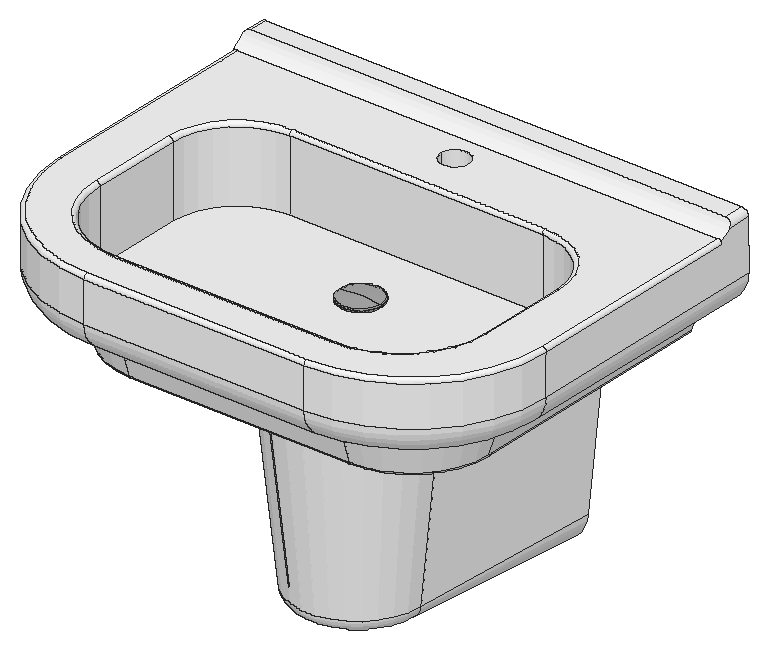
Revit family "NLRS_74_PF_UN_wastafel_S8300300000_SPHINX_BCB", category Plumbing Fixtures, Revit 2016
Family settings
  Part Type = Normal
  Round Connector Dimension = Use Radius
  OmniClass Number = 23.45.00.00
  OmniClass Title = Sanitary, Laundry, and Cleaning Equipment
  Work Plane-Based = No
  Always vertical = Yes
  Cut with Voids When Loaded = No
  Shared = No
  Room Calculation Point = No
Parameters (values of type "wastafel 55 cm")
  NLRS_C_type = "Wastafel met kraangat en overloop"
  NLRS_C_serie = "300 Basic"
  NLRS_C_revit_versie = "2016"
  NLRS_C_content_versie = "2.0"
  NLRS_C_content_provider = "BouwConnect"
  NLRS_C_content_datum_uitgifte = "APR-2018"
  NLRS_C_content_datum_gewijzigd = "APR-2018"
  NLRS_C_content_creator = "BouwConnect"
  NLRS_C_URL_product_data = "http://www.sphinx.nl/producten/wastafels-%7C-fonteinen/wastafels/sphinx-300-basic-%7C-wastafel-60-cm/27160/"
  Waste Connection = yes
  WFU = 0
  URL = "http://www.sphinx.nl/"
  Type Comments = ""
  NLRS_S_gewicht = 17.00 kg
  NLRS_C_materiaal = none
  NLRS_C_lengte = 475 mm
  NLRS_C_hoogte = 207 mm
  NLRS_C_diameter_uit = 45 mm
  NLRS_C_diameter_in = 35 mm
  NLRS_C_breedte = 600 mm
  Model = "300 wastafel 55 cm"  # constant formula
  Manufacturer = "Sphinx"  # constant formula
  Keynote = ""
  IfcTypeProduct = "IfcSanitaryTerminalType"
  IfcExportType = "SINK"
  IfcExportAs = "IfcSanitaryTerminalTypeEnum"
  IfcElement = "IfcFlowTerminal"
  NLRS_C_code_EAN = "8711754116818"
  Description = "wastafel"
  CWFU = 0
  NLRS_C_URL_BCB = "http://bcb-online.nl/?zoekterm=Sphinx+++%5bGeberit+B.V.%5d"
  Assembly Code = "47.11"
Reference planes
  plane 1 "Center (Front/Back)": y = 0
  plane 2: z = 0
  plane 3 "Center (Left/Right)": x = 0
Forms (mm)
  Extrusion 1, solid, material "74_porcelein_wit", detail levels medium+fine
    sketch origin (-0.053, 0.036, 0) x (1, 0, 0) y (0, 1, 0)
      loop
        line (-300, -0.036) -> (-300, -335)
        arc (-300, -335) -> (-258.995, -433.995) -> (-160, -475) r 140
        line (-160, -475) -> (160, -475)
        arc (160, -475) -> (258.995, -433.995) -> (300, -335) r 140
        line (300, -335) -> (300, -0.036) -> (-300, -0.036)
    from -144.695 to 0
  Sweep 2, void, detail levels medium+fine
    path origin (-0.053, 0.036, 0) x (1, 0, 0) y (0, 1, 0)
      loop
        line (300, 0) -> (300, -310)
        arc (300, -310) -> (251.673, -426.673) -> (135, -475) r 165
        line (135, -475) -> (-135, -475)
        arc (-135, -475) -> (-251.673, -426.673) -> (-300, -310) r 165
        line (-300, -310) -> (-300, 0)
    profile origin (299.947, -154.964, 0) x (1, 0, 0) y (0, 0, 1)
      loop
        line (-125.534, -144.695) -> (-125.534, -205) -> (55, -205) -> (55, 21.495) -> (-5, 21.495) -> (-5, 0)
        arc (-5, 0) -> (-1.464, -1.464) -> (0, -5) r 5
        line (0, -5) -> (0, -54.55)
        arc (0, -54.55) -> (-10.837, -80.713) -> (-37, -91.55) r 37
        line (-37, -91.55) -> (-44.133, -91.55)
        arc (-44.133, -91.55) -> (-51.101, -93.781) -> (-55.479, -99.643) r 12
        line (-55.479, -99.643) -> (-70.063, -141.997)
        arc (-70.063, -141.997) -> (-71.522, -143.951) -> (-73.845, -144.695) r 4
        line (-73.845, -144.695) -> (-125.534, -144.695)
  Extrusion 3, void, detail levels medium+fine
    sketch origin (-0.053, 5.036, 0) x (1, 0, 0) y (0, 1, 0)
      loop
        arc (-156.664, -137.37) -> (-213.233, -160.801) -> (-236.664, -217.37) r 80
        line (-236.664, -217.37) -> (-236.664, -329.076)
        arc (-236.664, -329.076) -> (-207.375, -399.787) -> (-136.664, -429.076) r 100
        line (-136.664, -429.076) -> (133.336, -429.076)
        arc (133.336, -429.076) -> (204.047, -399.787) -> (233.336, -329.076) r 100
        line (233.336, -329.076) -> (233.336, -217.37)
        arc (233.336, -217.37) -> (209.904, -160.801) -> (153.336, -137.37) r 80
        line (153.336, -137.37) -> (-156.664, -137.37)
    from -91.55 to 100
  Blend 4, solid, material "74_porcelein_wit", detail levels medium+fine
    base sketch origin (999.947, 0, 0.437) x (1, 0, 0) y (0, 0, 1)
      loop
        line (-1128.74, -145.132) -> (-1103.133, -388.766)
        arc (-1103.133, -388.766) -> (-1088.491, -417.504) -> (-1058.38, -429.062) r 45
        line (-1058.38, -429.062) -> (-941.515, -429.062)
        arc (-941.515, -429.062) -> (-911.404, -417.504) -> (-896.762, -388.766) r 45
        line (-896.762, -388.766) -> (-871.155, -145.132) -> (-881.21, -145.132) -> (-906.707, -387.721)
        arc (-906.707, -387.721) -> (-918.096, -410.072) -> (-941.515, -419.062) r 35
        line (-941.515, -419.062) -> (-1058.38, -419.062)
        arc (-1058.38, -419.062) -> (-1081.799, -410.072) -> (-1093.188, -387.721) r 35
        line (-1093.188, -387.721) -> (-1118.685, -145.132) -> (-1128.74, -145.132)
    top sketch origin (999.947, 0, 0.437) x (1, 0, 0) y (0, 0, 1)
      loop
        line (-1103.728, -145.132) -> (-1076.841, -400.945)
        arc (-1076.841, -400.945) -> (-1070.984, -412.44) -> (-1058.939, -417.063) r 18
        line (-1058.939, -417.063) -> (-940.95, -417.063)
        arc (-940.95, -417.063) -> (-928.906, -412.44) -> (-923.049, -400.945) r 18
        line (-923.049, -400.945) -> (-896.162, -145.132) -> (-906.217, -145.132) -> (-932.994, -399.899)
        arc (-932.994, -399.899) -> (-935.597, -405.008) -> (-940.95, -407.063) r 8
        line (-940.95, -407.063) -> (-1058.939, -407.063)
        arc (-1058.939, -407.063) -> (-1064.293, -405.008) -> (-1066.896, -399.899) r 8
        line (-1066.896, -399.899) -> (-1093.673, -145.132) -> (-1103.728, -145.132)
    from 0 to 224
  Revolve 5, solid, material "74_porcelein_wit", detail levels medium+fine
    sketch origin (999.947, -224, 0.487) x (1, 0, 0) y (0, 0, 1)
      loop
        line (-923.049, -400.945) -> (-896.162, -145.132) -> (-906.217, -145.132) -> (-932.994, -399.899)
        arc (-932.994, -399.899) -> (-935.597, -405.008) -> (-940.95, -407.063) r 8
        line (-940.95, -407.063) -> (-999.947, -407.063) -> (-999.947, -417.063) -> (-940.95, -417.063)
        arc (-940.95, -417.063) -> (-928.906, -412.44) -> (-923.049, -400.945) r 18
      axis (-999.947, -145.132) -> (-999.947, -417.063)
    angle from 180 to 360
  Sweep 6, void, detail levels medium+fine
    path origin (-0.053, 5.036, 0) x (1, 0, 0) y (0, 1, 0)
      loop
        arc (-156.664, -137.37) -> (-213.233, -160.801) -> (-236.664, -217.37) r 80
        line (-236.664, -217.37) -> (-236.664, -329.076)
        arc (-236.664, -329.076) -> (-207.375, -399.787) -> (-136.664, -429.076) r 100
        line (-136.664, -429.076) -> (133.336, -429.076)
        arc (133.336, -429.076) -> (204.047, -399.787) -> (233.336, -329.076) r 100
        line (233.336, -329.076) -> (233.336, -217.37)
        arc (233.336, -217.37) -> (209.904, -160.801) -> (153.336, -137.37) r 80
        line (153.336, -137.37) -> (-156.664, -137.37)
    profile origin (-1.717, -132.334, 0) x (0, 1, 0) y (0, 0, 1)
      loop
        arc (0, -5) -> (1.464, -1.464) -> (5, 0) r 5
        line (5, 0) -> (5, 10) -> (-10, 10) -> (-10, -5) -> (0, -5)
  Extrusion 7, solid, material "74_porcelein_wit", detail levels coarse
    sketch origin (0, 0, 0) x (1, 0, 0) y (0, 1, 0)
      loop
        line (-300, 0) -> (-300, -335)
        arc (-300, -335) -> (-258.995, -433.995) -> (-160, -475) r 140
        line (-160, -475) -> (160, -475)
        arc (160, -475) -> (258.995, -433.995) -> (300, -335) r 140
        line (300, -335) -> (300, 0) -> (-300, 0)
    from -144.695 to 0
  Extrusion 8, void, detail levels coarse
    sketch origin (0, 0, 0) x (1, 0, 0) y (0, 1, 0)
      loop
        arc (-156.664, -137.37) -> (-213.233, -160.801) -> (-236.664, -217.37) r 80
        line (-236.664, -217.37) -> (-236.664, -329.076)
        arc (-236.664, -329.076) -> (-207.375, -399.787) -> (-136.664, -429.076) r 100
        line (-136.664, -429.076) -> (133.336, -429.076)
        arc (133.336, -429.076) -> (204.047, -399.787) -> (233.336, -329.076) r 100
        line (233.336, -329.076) -> (233.336, -217.37)
        arc (233.336, -217.37) -> (209.904, -160.801) -> (153.336, -137.37) r 80
        line (153.336, -137.37) -> (-156.664, -137.37)
    from -50 to 16.276
  Extrusion 9, solid, material "74_porcelein_wit", detail levels medium+fine
    sketch origin (-1406.142, 0, 0) x (1, 0, 0) y (0, 0, 1)
      loop
        line (1698.09, 16.276) -> (1114.09, 16.276)
        arc (1114.09, 16.276) -> (1108.433, 13.933) -> (1106.09, 8.276) r 8
        line (1106.09, 8.276) -> (1106.09, -54.55)
        arc (1106.09, -54.55) -> (1116.927, -80.713) -> (1143.09, -91.55) r 37
        line (1143.09, -91.55) -> (1669.09, -91.55)
        arc (1669.09, -91.55) -> (1695.253, -80.713) -> (1706.09, -54.55) r 37
        line (1706.09, -54.55) -> (1706.09, 8.276)
        arc (1706.09, 8.276) -> (1703.747, 13.933) -> (1698.09, 16.276) r 8
    from 0 to 40
  Extrusion 10, void
    sketch origin (0, 0, 0) x (0, 1, 0) y (0, 0, 1)
      loop
        arc (-40, 0) -> (-29.755, 7.174) -> (-23.27, 17.868) r 30.371
        line (-23.27, 17.868) -> (-42.91, 17.868) -> (-42.91, 0) -> (-40, 0)
    from -311.866 to 371.756
  Extrusion 11, void
    sketch origin (-341.32, 0.365, 0) x (1, 0, 0) y (0, 1, 0)
      loop
        circle (341.268, -220.297) r 23
    from -200 to 50
  Revolve 12, solid, material "74_metaal_generiek", detail levels fine
    sketch origin (-678.82, -220, -35.919) x (1, 0, 0) y (0, 0, 1)
      loop
        line (678.796, -55) -> (678.796, -50)
        arc (678.796, -50) -> (666.186, -50.412) -> (653.653, -51.862) r 153.083
        arc (653.653, -51.862) -> (653.037, -52.206) -> (652.793, -52.868) r 1.018
        line (652.793, -52.868) -> (652.793, -54)
        arc (652.793, -54) -> (653.086, -54.707) -> (653.793, -55) r 1
        line (653.793, -55) -> (678.796, -55)
      axis (678.796, -55) -> (678.796, -50)
    angle from 0 to 360
  Extrusion 13, solid, material "74_porcelein_wit"
    sketch origin (-397.688, 242.163, 0) x (1, 0, 0) y (0, 1, 0)
      loop
        circle (397.636, -462.163) r 40
    from -181.695 to -144.644
  Extrusion 14, void, detail levels fine
    sketch origin (22.752, -195.929, 0) x (1, 0, 0) y (0, 1, 0)
      loop
        circle (-22.752, 120.929) r 17.5
    from -200 to 150
  Extrusion 15, solid, not visible
    sketch origin (0, 0, -161.695) x (1, 0, 0) y (0, 1, 0)
      loop
        circle (-0.053, -219.932) r 22.5
    from 0 to 5
Cuts and joins
  Sweep 2, Extrusion 3, Sweep 6, Extrusion 11, Extrusion 14 cuts Extrusion 1
  Extrusion 10, Extrusion 11 cuts Extrusion 9
  joined: Extrusion 1, Extrusion 9
  Extrusion 8 cuts Extrusion 7
  Extrusion 11 cuts Extrusion 13
Dimensions and locks
  aligned and locked: level to plane 2
Connectors
  piping at (-0.053, -219.932, -161.695), diameter 50, driven by "WFU"
    settings: on Extrusion 15, index 1, connector inside diameter 50 mm, connector length 0 mm, flow factor 0, pipe flow 0.0 L/s, pressure drop 0.0 Pa, fitting loss kfactor 0, connector angle 0.00°, fixture units 0, engagement length 0 mm, angle of deflection 0.00°, flow configuration 3, flow direction 2, fitting loss method 0, system type 16, joint type 0, gender type 0, connector reference index -1, connector utility 0, adjustable connector no, is connector primary yes, connector description "out"
